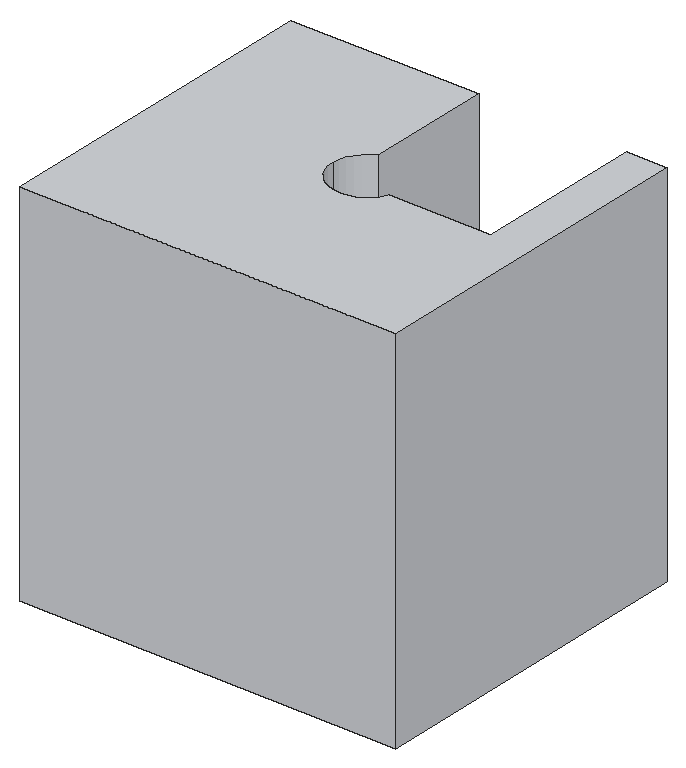
Revit family "基坑土体", category 常规模型, Revit 2016
Family settings
  零件类型 = 标准
  可将钢筋附着到主体 = 否
  圆形连接件大小 = 使用直径
  基于工作平面 = 否
  总是垂直 = 是
  加载时剪切的空心 = 否
  共享 = 否
  房间计算点 = 否
Reference planes
  plane 1 "中心(前/后)": y = 0
  plane 2: z = 0
  plane 3 "中心(左/右)": x = 0
Forms (mm)
  Extrusion 1, solid
    sketch origin (0, 0, 0) x (1, 0, 0) y (0, 1, 0)
      loop
        line (-7644.298, 6900) -> (-7644.298, -6900) -> (7644.298, -6900) -> (7644.298, 6900) -> (-7644.298, 6900)
    from -14879.638 to 250
  Extrusion 2, void
    sketch origin (0, 0, 0) x (1, 0, 0) y (0, 1, 0)
      loop
        line (6018.149, 6900) -> (0, 6900) -> (0, 0) -> (6018.149, 0) -> (6018.149, 6900)
    from -5541.374 to 250
  Extrusion 3, void
    sketch origin (6331.462, 3874.483, 0) x (1, 0, 0) y (0, 1, 0)
      loop
        circle (-5780.947, -3358.913) r 1400
    from -6787.523 to 250
Cuts and joins
  Extrusion 2, Extrusion 3 cuts Extrusion 1
Dimensions and locks
  equal spacing: Extrusion 1 sketch curve, plane 3 "中心(左/右)", Extrusion 1 sketch curve
  equal spacing: Extrusion 1 sketch curve, plane 1 "中心(前/后)", Extrusion 1 sketch curve
  Extrusion 2 to plane 3 "中心(左/右)" = 6018.149 mm
  aligned and locked: level to plane 2
